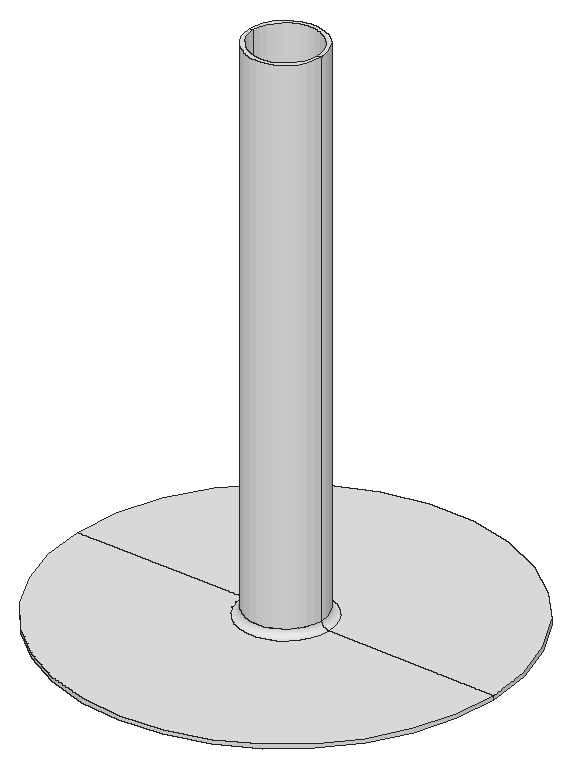
Revit family "Plumbing_Other-Plumbing_Menzies-Metal_Plumbing-Stack-Spun-Aluminum-TPO", category Plumbing Fixtures, host Face, Revit 2018
Family settings
  Host = Face
  Round Connector Dimension = Use Diameter
  Part Type = Normal
  OmniClass Number = 23.70.50.21.24.11
  OmniClass Title = Roof Waste Water Drains
  Cut with Voids When Loaded = No
  Shared = No
  Room Calculation Point = No
Parameters (values of type "1.5"")
  Weight = 0.75 lbf
  Waste Connection = no
  Vent Connection = yes
  URL = "https://www.menzies-metal.com/tpo-products/plumbing-stack-spun-aluminum-tpo/"
  Product data url = "https://www.bimobject.com/menzies-metal/product/plumbing-stack-aluminum-tpo"
  Product Material = Metal - Menzies Metal Products - Aluminium TPO Coated
  Product Guid = "02c721fd-952f-48cd-9394-e694986ec419"
  Pipe Length = 1' - 0"
  Pipe Diameter = 1 1/2"
  Note [instance] = "Availalable caps include the Menzies Econo caps and Vandalproof caps."  # constant formula
  Model = "400-4310TPO"
  Manufacturer = "Menzies Metal Products"  # constant formula
  HW Connection = no
  Edition number = 1
  Drain Flow = 0 GPM
  Description = "Plumbing Stack Spun Aluminum-TPO"  # constant formula
  Default Elevation = 4' - 0"
  Cap [instance] = Plumbing_Other-Plumbing_Menzies-Metal_Cap : No Cap
  CW Connection = no
  Assembly Code = "D2040200"
Types (5): name | Weight | Pipe Diameter | Model
  2" | 0.80 lbf | 2" | "400-4315TPO"
  3" | 1.10 lbf | 3" | "400-4320TPO"
  4" | 1.30 lbf | 4" | "400-4325TPO"
  1.5" | 0.75 lbf | 1 1/2" | "400-4310TPO"
  5" | 1.50 lbf | 5" | "400-4330TPO"
Reference planes (in)
  plane 1 "Center (Front/Back)": y = 0
  plane 2: z = 0
  plane 3 "Center (Left/Right)": x = 0
  plane 4: x = -0.75
  plane 5: x = 0.75
  plane 6: z = 12
  plane 7: x = -0.75
  plane 8: x = 0.75
  plane 9: z = 12
Forms (in)
  Revolve 1, solid, material "Metal - Menzies Metal Products - Aluminium TPO Coated", detail levels medium+fine
    sketch origin (0, 0, 0) x (1, 0, 0) y (0, 0, 1)
      loop
        line (-0.75, 12) -> (-0.84, 12) -> (-0.84, 0.25)
        arc (-0.84, 0.25) -> (-0.88686, 0.13686) -> (-1, 0.09) r 0.16
        line (-1, 0.09) -> (-4.84, 0.09) -> (-4.84, 0) -> (-1, 0)
        arc (-1, 0) -> (-0.82322, 0.07322) -> (-0.75, 0.25) r 0.25
        line (-0.75, 0.25) -> (-0.75, 12)
      axis (0, 12) -> (0, 0)
    angle from 0 to 360
  Revolve 2, solid, material "Metal - Menzies Metal Products - Aluminium TPO Coated", detail levels coarse
    sketch origin (0, 0, 0) x (1, 0, 0) y (0, 0, 1)
      loop
        line (-4.84, 0) -> (0, 0) -> (0, 12) -> (-0.84, 12) -> (-0.84, 0.09) -> (-4.84, 0.09) -> (-4.84, 0)
      axis (0, 12) -> (0, 0)
    angle from 0 to 360
Lines and regions (in)
  Masking region 1
    outline origin (0, 0, 0) x (1, 0, 0) y (0, 1, 0)
      loop
        circle (0, 0) r 4.84
  symbolic lines
    curve 1: arc (-0.84, 0, 0) -> (0, 0.84, 0) -> (0.84, 0, 0) r 0.84
    curve 2: arc (0.84, 0, 0) -> (0, -0.84, 0) -> (-0.84, 0, 0) r 0.84
    curve 3: arc (0.75, 0, 0) -> (0, -0.75, 0) -> (-0.75, 0, 0) r 0.75
    curve 4: arc (-0.75, 0, 0) -> (0, 0.75, 0) -> (0.75, 0, 0) r 0.75
Dimensions and locks (in)
  equal spacing: plane 5, plane 3 "Center (Left/Right)", plane 4
  "Pipe Length": plane 6 to host face
  Revolve 1 sketch curve to Revolve 1 sketch curve = 0' - 4"
  "Pipe Diameter": plane 5 to plane 4
  equal spacing: plane 8, plane 3 "Center (Left/Right)", plane 7
  "Pipe Diameter": plane 8 to plane 7
  "Pipe Length": plane 9 to level
  aligned and locked: plane 2 to host face
  aligned and locked: level to host face
  aligned and locked: level to Revolve 1 sketch curve
  aligned and locked: Revolve 2 sketch curve to plane 3 "Center (Left/Right)"
  aligned and locked: Revolve 1 to Revolve 2
  aligned and locked: Revolve 1 sketch curve to plane 4
  aligned and locked: Revolve 1 to Revolve 2 sketch curve
  aligned and locked: Revolve 2 sketch curve to Revolve 1
  aligned and locked: plane 3 "Center (Left/Right)" to Revolve 2 sketch curve
  aligned and locked: Masking region 1 sketch curve to Revolve 2  (x2)
  aligned and locked: curve 1 to Revolve 2
  aligned and locked: curve 2 to Revolve 2
  aligned and locked: curve 3 to Revolve 1
  aligned and locked: curve 4 to Revolve 1
  aligned and locked: plane 3 "Center (Left/Right)" to nested 1
  aligned and locked: nested 1 to plane 1 "Center (Front/Back)"
Automatic sketch dimensions
  host sketch curve to host sketch curve = 7' - 10.66418"
  host sketch curve to host sketch curve = 8' - 0"
  Revolve 1 sketch curve to Revolve 1 sketch curve = 0' - 0"  (x2)
  Revolve 1 sketch curve to plane 6 = 0' - 0"
  Revolve 1 sketch curve to plane 3 "Center (Left/Right)" = 0' - 0"
  Revolve 1 sketch curve to Revolve 1 sketch curve = 0' - 0.09"
  Revolve 1 sketch curve to Revolve 1 sketch curve = 0' - 0.16"
  Revolve 1 sketch curve to level = 2' - 0"
  plane 6 to Revolve 1 sketch curve = 7' - 3.31233"
  Revolve 2 sketch curve to plane 9 = 0' - 0"
  Revolve 2 sketch curve to level = 0' - 0"
  Revolve 2 sketch curve to plane 7 = 0' - 0.09"
  Revolve 2 sketch curve to Revolve 2 sketch curve = 2' - 0"
  Revolve 2 sketch curve to Revolve 2 sketch curve = 7' - 3.371"
Nested families (in)
  nested 1: "Plumbing_Other-Plumbing_Menzies-Metal_Cap" at (0, 0, 12) x (0, 1, 0) z (0, 0, 1), Pipe Diameter <- "Pipe Diameter", Product Material <- "Product Material", type <- "Cap", type "No Cap"
    with Weight 0.00 lbf, SKU "", Product Material Metal - Menzies Metal Products - Aluminium TPO Coated, Pipe Diameter 1 1/2", C_2 0' - 0 3/4", C 0' - 1 1/2", B_8 0' - 0 13/32", B 0' - 3 1/4", Array 8, A_2 0' - 1.19", A 0' - 2.38"
Definition of nested family "Plumbing_Other-Plumbing_Menzies-Metal_Cap"
  Parameters (values of type "Econo Cap")
    Weight [instance] = if(and(not(Econo), not(Vandalproof)), 0.00 lbf, size_lookup(Lookup Table, "W", 0.00 lbf, Pipe Diameter))  # 0.28 lbf
    Waste Connection = no
    Vent Connection = no
    Vandalproof = no
    URL = "https://www.menzies-metal.com/"
    SKU [instance] = if(and(not(Econo), not(Vandalproof)), "", size_lookup(Lookup Table, "", "", Pipe Diameter))  # "400-3138"
    Product data url = ""
    Product Material [instance] = none
    Product Guid = ""
    Pipe Diameter [instance] = 1 1/2"
    Model = "400-3138"
    Manufacturer = "Menzies Metal Products"  # constant formula
    Lookup Table = "Econo Cap"
    HW Connection = no
    Edition number = 1
    Econo = yes
    Drain Flow = 0 GPM
    Description = "Econo Cap Spun Aluminum"
    Default Elevation = 4' - 0"
    CW Connection = no
    C_2 [instance] = C / 2  # 0' - 0 3/4"
    C [instance] = size_lookup(Lookup Table, "C", 0' 1.13", Pipe Diameter)  # 0' - 1 1/2"
    B_8 [instance] = B / 8  # 0' - 0 13/32"
    B [instance] = size_lookup(Lookup Table, "B", 0' 3 1/4", Pipe Diameter)  # 0' - 3 1/4"
    Assembly Code = "D2040200"
    Array [instance] = if(Pipe Diameter = 0' 1 1/4", 7, if(Pipe Diameter = 0' 1 1/2", 8, if(Pipe Diameter = 0' 2", 9, if(Pipe Diameter = 0' 3", 10, if(Pipe Diameter = 0' 4", 12, if(Pipe Diameter = 0' 5", 14, if(Pipe Diameter = 0' 6", 16, 6)))))))  # 8
    A_2 [instance] = A / 2  # 0' - 1.19"
    A [instance] = size_lookup(Lookup Table, "A", 0' 2", Pipe Diameter)  # 0' - 2.38"
  Types (3): name | Weight | Vandalproof | URL | SKU | Model | Lookup Table | Econo | Description
    Econo Cap | 0.28 lbf | no | "https://www.menzies-metal.com/" | "400-3138" | "400-3138" | "Econo Cap" | yes | "Econo Cap Spun Aluminum"
    Vandalproof Cap | 0.33 lbf | yes | "https://www.menzies-metal.com/" | "400-4210" | "400-4210" | "Vandalproof Cap" | yes | "Vandalproof Cap Aluminum"
    No Cap | 0.00 lbf | no | "" | "" | "" | "Econo Cap" | no | ""
  Reference planes (in)
    plane 1 "Center (Front/Back)": y = 0
    plane 2: z = 0
    plane 3 "Center (Left/Right)": x = 0
    plane 4: z = 0.05
    plane 5: z = -0.35625
    plane 6: z = -0.7625
    plane 7: z = -2.79375
    plane 8: z = -2.3875
    plane 9: z = -3.2
    plane 10: z = -3.2
    plane 11: z = 3.3
    plane 12: z = 0.05
    plane 13: z = 0.40625
    plane 14: z = 0.20312
  Forms (in)
    Extrusion 1, solid
      sketch origin (0, 0, 0) x (1, 0, 0) y (0, 1, 0)
        loop
          line (-48, 48) -> (-48, -48) -> (46.66418, -48) -> (46.66418, 48) -> (-48, 48)
      from 0 to -12
    Revolve 2, solid, material <- "Product Material", visible <- "Econo"
      sketch origin (0, 0, 0) x (1, 0, 0) y (0, 0, 1)
        loop
          line (-1.49, -3.2) -> (-1.44, -3.2) -> (-1.44, -2.79375) -> (-1.19, -2.3875) -> (-1.19, 0) -> (-0.8, 0) -> (-0.8, -0.7625) -> (-0.75, -0.7625) -> (-0.75, 0.05) -> (-1.24, 0.05) -> (-1.24, -2.3875) -> (-1.49, -2.79375) -> (-1.49, -3.2)
        axis (0, 0.05) -> (0, -3.2)
      angle from 0 to 360
    Revolve 3, solid, material <- "Product Material", visible <- "Vandalproof"
      sketch origin (0, 0, 0) x (1, 0, 0) y (0, 0, 1)
        loop
          line (0, 3.3) -> (-1.24, 3.3) -> (-1.24, 0.40625) -> (-1.29, 0.05) -> (-1.29, -0.2) -> (-1.24, -0.2) -> (-1.24, 0.05) -> (-1.19, 0.40625) -> (-1.19, 3.25) -> (0, 3.25) -> (0, 3.3)
        axis (0, 3.3) -> (0, -0.2)
      angle from 0 to 360
    Extrusion 4, void
      sketch origin (0, 0, 0) x (1, 0, 0) y (0, 0, 1)
        loop
          line (-0.19967, 2.68677) -> (-0.19967, 0.71105)
          arc (-0.19967, 0.71105) -> (0, 0.51138) -> (0.19967, 0.71105) r 0.19967
          line (0.19967, 0.71105) -> (0.19967, 2.68677)
          arc (0.19967, 2.68677) -> (0, 2.88644) -> (-0.19967, 2.68677) r 0.19967
      from 0 to 12
    Extrusion 5, void
      sketch origin (0, 0, 0) x (0.707107, -0.707107, 0) y (0, 0, 1)
        loop
          line (-0.19967, 2.68677) -> (-0.19967, 0.71105)
          arc (-0.19967, 0.71105) -> (0, 0.51138) -> (0.19967, 0.71105) r 0.19967
          line (0.19967, 0.71105) -> (0.19967, 2.68677)
          arc (0.19967, 2.68677) -> (0, 2.88644) -> (-0.19967, 2.68677) r 0.19967
      from 0 to 12
    Extrusion 6, void
      sketch origin (0, 0, 0) x (0.707107, 0.707107, 0) y (0, 0, 1)
        loop
          line (-0.19967, 2.68677) -> (-0.19967, 0.71105)
          arc (-0.19967, 0.71105) -> (0, 0.51138) -> (0.19967, 0.71105) r 0.19967
          line (0.19967, 0.71105) -> (0.19967, 2.68677)
          arc (0.19967, 2.68677) -> (0, 2.88644) -> (-0.19967, 2.68677) r 0.19967
      from 0 to 12
    Extrusion 7, void
      sketch origin (0, 0, 0) x (0, 1, 0) y (0, 0, 1)
        loop
          line (-0.19967, 2.68677) -> (-0.19967, 0.71105)
          arc (-0.19967, 0.71105) -> (0, 0.51138) -> (0.19967, 0.71105) r 0.19967
          line (0.19967, 0.71105) -> (0.19967, 2.68677)
          arc (0.19967, 2.68677) -> (0, 2.88644) -> (-0.19967, 2.68677) r 0.19967
      from 0 to 12
    Extrusion 8, void
      sketch origin (0, 0, 0) x (-0.707107, 0.707107, 0) y (0, 0, 1)
        loop
          line (-0.19967, 2.68677) -> (-0.19967, 0.71105)
          arc (-0.19967, 0.71105) -> (0, 0.51138) -> (0.19967, 0.71105) r 0.19967
          line (0.19967, 0.71105) -> (0.19967, 2.68677)
          arc (0.19967, 2.68677) -> (0, 2.88644) -> (-0.19967, 2.68677) r 0.19967
      from 0 to 12
    Extrusion 9, void
      sketch origin (0, 0, 0) x (-1, 0, 0) y (0, 0, 1)
        loop
          line (-0.19967, 2.68677) -> (-0.19967, 0.71105)
          arc (-0.19967, 0.71105) -> (0, 0.51138) -> (0.19967, 0.71105) r 0.19967
          line (0.19967, 0.71105) -> (0.19967, 2.68677)
          arc (0.19967, 2.68677) -> (0, 2.88644) -> (-0.19967, 2.68677) r 0.19967
      from 0 to 12
    Extrusion 10, void
      sketch origin (0, 0, 0) x (-0.707107, -0.707107, 0) y (0, 0, 1)
        loop
          line (-0.19967, 2.68677) -> (-0.19967, 0.71105)
          arc (-0.19967, 0.71105) -> (0, 0.51138) -> (0.19967, 0.71105) r 0.19967
          line (0.19967, 0.71105) -> (0.19967, 2.68677)
          arc (0.19967, 2.68677) -> (0, 2.88644) -> (-0.19967, 2.68677) r 0.19967
      from 0 to 12
    Extrusion 11, void
      sketch origin (0, 0, 0) x (0, -1, 0) y (0, 0, 1)
        loop
          line (-0.19967, 2.68677) -> (-0.19967, 0.71105)
          arc (-0.19967, 0.71105) -> (0, 0.51138) -> (0.19967, 0.71105) r 0.19967
          line (0.19967, 0.71105) -> (0.19967, 2.68677)
          arc (0.19967, 2.68677) -> (0, 2.88644) -> (-0.19967, 2.68677) r 0.19967
      from 0 to 12
  Cuts and joins
    Extrusion 4, Extrusion 5, Extrusion 6, Extrusion 7, Extrusion 8, Extrusion 9, Extrusion 10, Extrusion 11 cuts Revolve 3
  Dimensions and locks (in)
    locked: Revolve 2 sketch curve to Revolve 2 sketch curve at 0.05  (x4)
    "C_2": Revolve 2 sketch curve to Revolve 2 sketch curve
    "A_2": Revolve 2 sketch curve to Revolve 2 sketch curve
    "B_8": plane 4 to plane 5
    "B_8": plane 5 to plane 6
    locked: Revolve 2 sketch curve to Revolve 2 sketch curve at 0.25
    "B": plane 4 to plane 9
    "B_8": plane 7 to plane 9
    "B_8": plane 8 to plane 7
    "B": plane 11 to plane 12
    "B": plane 12 to plane 10
    "A_2": plane 3 "Center (Left/Right)" to Revolve 3 sketch curve
    "B_8": plane 13 to Extrusion 1
    equal spacing: plane 13, plane 14, plane 2
    locked: plane 12 to Revolve 3 sketch curve at 0.25
    locked: Revolve 3 sketch curve to Revolve 3 sketch curve at 0.05  (x3)
    locked: plane 11 to Revolve 3 sketch curve at 0.05
    aligned and locked: plane 2 to Extrusion 1
    aligned and locked: level to Extrusion 1
    aligned and locked: Revolve 2 sketch curve to plane 3 "Center (Left/Right)"
    aligned and locked: Revolve 2 sketch curve to plane 6
    aligned and locked: plane 8 to Revolve 2 sketch curve  (x2)
    aligned and locked: plane 7 to Revolve 2 sketch curve  (x2)
    aligned and locked: plane 4 to Revolve 2 sketch curve
    aligned and locked: plane 12 to Revolve 2
    aligned and locked: plane 3 "Center (Left/Right)" to Revolve 3 sketch curve
    aligned and locked: Revolve 3 sketch curve to plane 3 "Center (Left/Right)"  (x2)
    aligned and locked: plane 11 to Revolve 3 sketch curve
  Automatic sketch dimensions
    Extrusion 1 sketch curve to Extrusion 1 sketch curve = 7' - 10.66418"
    Extrusion 1 sketch curve to Extrusion 1 sketch curve = 8' - 0"
    Revolve 2 sketch curve to level = 0' - 3.2"  (x2)
    plane 4 to Revolve 2 sketch curve = 0' - 0 1/4"
    Revolve 3 sketch curve to level = 0' - 0"
    Revolve 3 sketch curve to plane 12 = 0' - 0"  (x2)
    Revolve 3 sketch curve to plane 13 = 0' - 0"  (x2)
    plane 11 to Revolve 3 sketch curve = 0' - 0 3/4"
    Extrusion 4 sketch curve to Extrusion 4 sketch curve = 0' - 0.19967"
    Extrusion 4 sketch curve to Extrusion 4 sketch curve = 0' - 1.97572"
    Extrusion 5 sketch curve to Extrusion 5 sketch curve = 0' - 0.19967"
    Extrusion 5 sketch curve to Extrusion 5 sketch curve = 0' - 1.97572"
    Extrusion 6 sketch curve to Extrusion 6 sketch curve = 0' - 0.19967"
    Extrusion 6 sketch curve to Extrusion 6 sketch curve = 0' - 1.97572"
    Extrusion 7 sketch curve to Extrusion 7 sketch curve = 0' - 0.19967"
    Extrusion 7 sketch curve to Extrusion 7 sketch curve = 0' - 1.97572"
    Extrusion 8 sketch curve to Extrusion 8 sketch curve = 0' - 0.19967"
    Extrusion 8 sketch curve to Extrusion 8 sketch curve = 0' - 1.97572"
    Extrusion 9 sketch curve to Extrusion 9 sketch curve = 0' - 0.19967"
    Extrusion 9 sketch curve to Extrusion 9 sketch curve = 0' - 1.97572"
    Extrusion 10 sketch curve to Extrusion 10 sketch curve = 0' - 0.19967"
    Extrusion 10 sketch curve to Extrusion 10 sketch curve = 0' - 1.97572"
    Extrusion 11 sketch curve to Extrusion 11 sketch curve = 0' - 0.19967"
    Extrusion 11 sketch curve to Extrusion 11 sketch curve = 0' - 1.97572"
